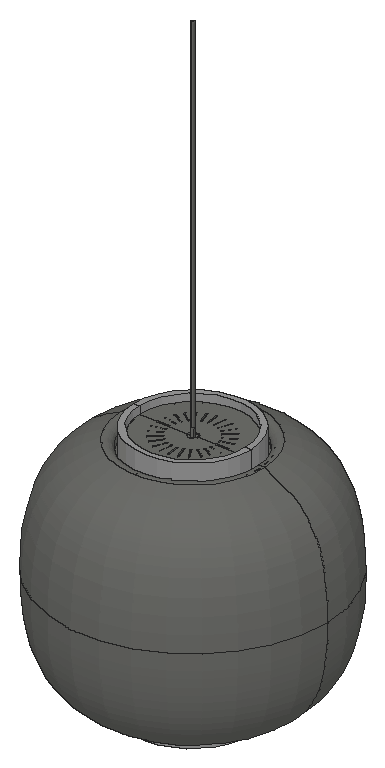
Revit family "Lighting_Pendants_Zero_Haze", category Lighting Fixtures, Revit 2018
Family settings
  Round Connector Dimension = Use Diameter
  Part Type = Normal
  OmniClass Number = 23.80.70.00
  OmniClass Title = Lighting
  Work Plane-Based = Yes
  Always vertical = Yes
  Cut with Voids When Loaded = No
  Light Source = Yes
  Shared = No
  Room Calculation Point = No
Parameters (values of type "Haze Pendant - Black - Dimmable LED PAR 38 Lightsource")
  Wattage = 3.15062 W
  WarrantyStartDate [instance] = "n/a"
  WarrantyGuarantorParts = "n/a"
  WarrantyGuarantorLabor = "n/a"
  WarrantyDurationUnit = "Years"
  WarrantyDurationParts = "n/a"
  WarrantyDurationLabor = "n/a"
  WarrantyDescription = "n/a"
  built-in parameter 1150110 = 1 (stored number, unit not read)
  VersionDate = "11/05/2020"  # constant formula
  Version = "1"  # constant formula
  UsageCurrent = 0 A
  Uniclass2015Reference = "Pr_70_70_48_86"
  Uniclass2015Description = "Suspended luminaires"
  Uniclass2 = "Pr_70_70_49_86"
  URL = "https://www.zerolighting.com/haze-inompe"
  TotalWattage = 16 W
  built-in parameter 1114217 = 1 (stored number, unit not read)
  Tilt Angle = 90.00°
  built-in parameter 1150109 = 1 (stored number, unit not read)
  built-in parameter 1150134 = (empty or 0)
  TagNumber [instance] = "n/a"
  SustainabilityPerformance = "n/a"
  built-in parameter 1150113 = 1 (stored number, unit not read)
  Size = "372x372x352 mm"
  Shape = "Sculptured"
  SerialNumber [instance] = "n/a"
  Revision = "n/a"
  ReplacementCost = "n/a"
  ProductInformation = "Haze 3D knitted fabric information - Camira Technical Knitting uses state of the art flat-bed weft knitting technology for an environmentally benevolent waste free manufacturing process using just three basic inputs – yarn, electricity and gentle steam finishing. Each 100% polyester filament yarn used is certified to the global Oeko- Tex Standard 100 which prohibits the use of harmful substances in textiles known to be hazardous to the environment and human health. Every cover produced is also accredited to the independent and 3rd party verified EU Ecolabel environmental standard for textile products."
  ProductDatasheet = "https://www.zerolighting.com/s/Haze-pendel.pdf"
  Product data url = ""
  Photometric Web File = "Haze16400.IES"
  PhaseReference = "n/a"
  PhaseAngle = 0.00°
  NumberOfSources = 0
  NumberOfPoles = 1
  NominalWidth = 372 mm
  NominalVoltageCalc = 0 V
  NominalVoltage = 230 V
  NominalRadius = 372 mm
  NominalHeight = 352.011 mm
  NominalFrequencyRange = 50 Hz
  NominalDiameter = 372 mm
  NominalDepth = 372 mm
  NominalCurrent = 0 A
  Name = "Zero_Haze"
  NBSReference = "90-60-50/405"
  NBSDescription = "General purpose luminaires"
  ModelReference = ArticleNumber  # "16400106-27"
  ModelNumber = "n/a"
  Model = "Haze Pendant - Black - Dimmable LED PAR 38 Lightsource"
  Material = "Wood, polyester fabric & glass."
  ManufacturersSpecificInformation = "n/a"
  ManufacturerURL = "https://www.zerolighting.com/"
  ManufacturerName = "Zero"
  Manufacturer = "Zero"
  MaintenanceFactor = 0
  Lumens = 468 lm
  built-in parameter 1150115 = 1 (stored number, unit not read)
  built-in parameter 1150105 = 37.242 (stored number, unit not read)
  LightSource = "LED PAR 38"
  LightFixtureSecondaryMaterial = Ash
  LightFixturePlacingType = "Ceilling"
  LightFixtureMountingType = "Suspended"
  LightFixtureMainMaterial = Camira Black
  built-in parameter 1150137 = (empty or 0)
  built-in parameter 1150139 = (empty or 0)
  built-in parameter 1150112 = 1 (stored number, unit not read)
  built-in parameter 1150114 = 1 (stored number, unit not read)
  InsulationStandardClass = "n/a"
  InstallationDate [instance] = "n/a"
  built-in parameter 1150132 = 2
  built-in parameter 1150102 = (empty or 0)
  built-in parameter 1150138 = (empty or 0)
  built-in parameter 1150107 = 2700 (stored number, unit not read)
  built-in parameter 1150106 = 0.37242 (stored number, unit not read)
  IfcExportType = "NOTDEFINED"  # constant formula
  IfcExportAs = "IfcLightFixtureType"  # constant formula
  IP_Code = "IP20"
  HasProtectiveEarth = yes
  Grade = "n/a"
  Finish = "Shade cover in 3D woven polyester fabric from Camira in white, black or petroleum..\r\nInner shade in opal acrylic. Wooden ash rings."
  Features = "Suspended from ceiling, 2,5 m cable. Connection DCL ceiling-plug or terminal-block 3x4 mm2. When dimmable 5x4mm2. "
  ExpectedLife = "L80 50.000h."
  Emit from Circle Diameter = 142 mm
  Emit Shape Visible in Rendering = no
  ElectricalDeviceNominalPower = 16
  built-in parameter 1150104 = 13.8 (stored number, unit not read)
  DurationUnit = "Hours"
  Dimming Lamp Color Temperature Shift = <None>
  Dimmer = "Dimmable"
  Designer = "Samuel Wilkinson 2020"
  Description = "Haze 3D knitted fabric information - Camira Technical Knitting uses state of the art flat-bed weft knitting technology for an environmentally benevolent waste free manufacturing process using just three basic inputs – yarn, electricity and gentle steam finishing. Each 100% polyester filament yarn used is certified to the global Oeko- Tex Standard 100 which prohibits the use of harmful substances in textiles known to be hazardous to the environment and human health. Every cover produced is also accredited to the independent and 3rd party verified EU Ecolabel environmental standard for textile products."
  DefaultElevation = 0 mm
  Default Elevation [instance] = 1219.2 mm
  ConvergoRefNr = "0046-2005-0007-SE"
  Constituents = "n/a"
  ColourRenderingIndex = ">80"
  Color Filter = 16777215
  Color = "Black"
  Collection = "Haze"
  CodePerformance = "n/a"
  Category = "Pendants"
  CableLengthControl [instance] = if(CableLength < 250 mm, 250 mm, if(CableLength > 2500 mm, 2500 mm, CableLength))  # 500 mm
  CableLength [instance] = 500 mm
  Brand = "Zero"
  Barcode [instance] = "n/a"
  built-in parameter 1114218 = 1 (stored number, unit not read)
  BIMObjectName = "Lighting_Pendants_Zero_Haze"
  Author = "Convergo AB"  # constant formula
  built-in parameter 1150133 = 10 (stored number, unit not read)
  AssetType = "Fixed"
  AssetIdentifier [instance] = "n/a"
  ArticleNumber = "16400106-27"
  AccessibilityPerformance = "n/a"
Types (9, lengths in mm): name | Wattage | Photometric Web File | ModelReference | Model | Lumens | built-in parameter 1150105 | LightSource | LightFixtureMainMaterial | built-in parameter 1150107 | built-in parameter 1150106 | Dimmer | Color | ArticleNumber
  Haze Pendant - White - Dimmable LED PAR 38 Lightsource | 3.15062 W | "Haze16400.IES" | "16400101-27" | "Haze Pendant - White - Dimmable LED PAR 38 Lightsource" | 468 lm | 37.242 (stored number, unit not read) | "LED PAR 38" | Camira White | 2700 (stored number, unit not read) | 0.37242 (stored number, unit not read) | "Dimmable" | "White" | "16400101-27"
  Haze Pendant - Black - Dimmable LED PAR 38 Lightsource | 3.15062 W | "Haze16400.IES" | "16400106-27" | "Haze Pendant - Black - Dimmable LED PAR 38 Lightsource" | 468 lm | 37.242 (stored number, unit not read) | "LED PAR 38" | Camira Black | 2700 (stored number, unit not read) | 0.37242 (stored number, unit not read) | "Dimmable" | "Black" | "16400106-27"
  Haze Pendant - Petroleum - Dimmable LED PAR 38 Lightsource | 3.15062 W | "Haze16400.IES" | "16400145-27" | "Haze Pendant - Petroleum - Dimmable LED PAR 38 Lightsource" | 468 lm | 37.242 (stored number, unit not read) | "LED PAR 38" | Camira Petroleum | 2700 (stored number, unit not read) | 0.37242 (stored number, unit not read) | "Dimmable" | "Petroleum" | "16400145-27"
  Haze Pendant - White - Incorporated LED module | 4.41626 W | "Haze16401.IES" | "16401101-30" | "Haze Pendant - White - Incorporated LED module" | 656 lm | 52.203 (stored number, unit not read) | "Incorporated LED module" | Camira White | 3000 (stored number, unit not read) | 0.52203 (stored number, unit not read) | "n/a" | "White" | "16401101-30"
  Haze Pendant - Black - Incorporated LED module | 4.41626 W | "Haze16401.IES" | "16401106-30" | "Haze Pendant - Black - Incorporated LED module" | 656 lm | 52.203 (stored number, unit not read) | "Incorporated LED module" | Camira Black | 3000 (stored number, unit not read) | 0.52203 (stored number, unit not read) | "n/a" | "Black" | "16401106-30"
  Haze Pendant - Petroleum - Incorporated LED module | 4.41626 W | "Haze16401.IES" | "16401145-30" | "Haze Pendant - Petroleum - Incorporated LED module" | 656 lm | 52.203 (stored number, unit not read) | "Incorporated LED module" | Camira Petroleum | 3000 (stored number, unit not read) | 0.52203 (stored number, unit not read) | "n/a" | "Petroleum" | "16401145-30"
  Haze Pendant - White - Incorporated Dimmable LED module | 4.41626 W | "Haze16401.IES" | "16401101D30" | "Haze Pendant - White - Incorporated Dimmable LED module" | 656 lm | 52.203 (stored number, unit not read) | "Incorporated Dimmable LED module" | Camira White | 3000 (stored number, unit not read) | 0.52203 (stored number, unit not read) | "Dimmable" | "White" | "16401101D30"
  Haze Pendant - Black - Incorporated Dimmable LED module | 4.41626 W | "Haze16401.IES" | "16401106D30" | "Haze Pendant - Black - Incorporated Dimmable LED module" | 656 lm | 52.203 (stored number, unit not read) | "Incorporated Dimmable LED module" | Camira Black | 3000 (stored number, unit not read) | 0.52203 (stored number, unit not read) | "Dimmable" | "Black" | "16401106D30"
  Haze Pendant - Petroleum - Incorporated Dimmable LED module | 4.41626 W | "Haze16401.IES" | "16401145D30" | "Haze Pendant - Petroleum - Incorporated Dimmable LED module" | 656 lm | 52.203 (stored number, unit not read) | "Incorporated Dimmable LED module" | Camira Petroleum | 3000 (stored number, unit not read) | 0.52203 (stored number, unit not read) | "Dimmable" | "Petroleum" | "16401145D30"
Reference planes
  plane 1 "Light Source Axis (F/B)": y = 0
  plane 2: z = -4000
  plane 3 "Light Source Axis (L/R)": x = 0
  plane 4 "Ceiling": z = 0
  plane 5 "Light Source Elevation": z = -833.011
  plane 6: z = -852.011
  plane 7: z = -500
  plane 8: x = -186
  plane 9: x = 186
  plane 10: y = -186
  plane 11: y = 186
  plane 12: z = -833.011
  plane 13: z = 0
Dimensions and locks
  "NominalHeight": plane 6 to plane 7
  "CableLengthControl": plane 7 to plane 4 "Ceiling"
  equal spacing: plane 11, plane 1 "Light Source Axis (F/B)", plane 10
  "NominalDepth": plane 10 to plane 11
  equal spacing: plane 8, plane 3 "Light Source Axis (L/R)", plane 9
  "NominalWidth": plane 8 to plane 9
  locked: plane 12 to plane 7 at 333.011
  aligned and locked: plane 3 "Light Source Axis (L/R)" to imposter light
  aligned and locked: plane 1 "Light Source Axis (F/B)" to imposter light
  aligned and locked: plane 5 "Light Source Elevation" to imposter light
  aligned and locked: plane 5 "Light Source Elevation" to plane 12
  aligned and locked: plane 4 "Ceiling" to nested 1
Nested families
  nested 1: "Haze" at (0, 0, -852.011), MainMaterial <- "LightFixtureMainMaterial", CableLengthControl <- "CableLengthControl", SecondaryMaterial <- "LightFixtureSecondaryMaterial", TertiaryMaterial <- "LightFixtureMainMaterial", type "Haze"
    with TertiaryMaterial Camira Black, SecondaryMaterial Ash, MainMaterial Camira Black, CableLengthControl 500 mm
Connectors
  electrical at (0, 0, 0), driven by "NominalVoltage"
    settings: on nested 1, index 1, voltage 230 V, apparent load 0 VA, apparent load phase1 0 VA, apparent load phase2 0 VA, apparent load phase3 0 VA, power factor 1, load classification "Other", number of poles 1, system type 31, power factor state 1, is connector primary yes, connector utility no, sub classification motor no, connector description ""
Definition of nested family "Haze"
  Parameters (values of type "Haze")
    TertiaryMaterial [instance] = none
    SecondaryMaterial [instance] = none
    MainMaterial [instance] = none
    CableLengthControl [instance] = 250 mm
  Reference planes
    plane 1 "Center (Front/Back)": y = 0
    plane 2: z = 0
    plane 3 "Center (Left/Right)": x = 0
    plane 4: y = 186
    plane 5: y = -186
    plane 6: x = 186
    plane 7: x = -186
    plane 8: z = 352.011
    plane 9: z = 340.011
    plane 10: z = 602.011
    plane 11: z = 19
  Forms (mm)
    Revolve 1, solid, material <- "MainMaterial", detail levels medium+fine
      sketch origin (0, 0, 0) x (1, 0, 0) y (0, 0, 1)
        loop
          line (-82, 314.011) -> (-68.5, 314.011)
          arc (-68.5, 314.011) -> (-64.257, 315.768) -> (-62.5, 320.011) r 6
          line (-62.5, 320.011) -> (-62.5, 328.011)
          arc (-62.5, 328.011) -> (-62.207, 328.718) -> (-61.5, 329.011) r 1
          line (-61.5, 329.011) -> (-60, 329.011) -> (-60, 332.011) -> (-61.5, 332.011)
          arc (-61.5, 332.011) -> (-64.328, 330.839) -> (-65.5, 328.011) r 4
          line (-65.5, 328.011) -> (-65.5, 320.011)
          arc (-65.5, 320.011) -> (-66.379, 317.89) -> (-68.5, 317.011) r 3
          line (-68.5, 317.011) -> (-82, 317.011)
          arc (-82, 317.011) -> (-84.121, 317.89) -> (-85, 320.011) r 3
          line (-85, 320.011) -> (-85.495, 326.266)
          arc (-85.495, 326.266) -> (-90.02, 334.381) -> (-99.269, 335.27) r 10
          spline (-99.269, 335.27) -> (-114.239, 328.498) -> (-128.449, 320.395) -> (-141.539, 310.707) -> (-153.14, 299.245) -> (-162.843, 286.133) -> (-170.478, 271.757) -> (-176.207, 256.477) -> (-180.293, 240.682) -> (-183.072, 224.529) -> (-184.805, 208.324) -> (-185.721, 192.016) -> (-186, 175.541)
          spline (-186, 175.541) -> (-185.714, 158.889) -> (-184.786, 142.623) -> (-183.058, 126.546) -> (-180.292, 110.534) -> (-176.179, 94.703) -> (-170.42, 79.432) -> (-162.748, 65.099) -> (-152.995, 52.052) -> (-141.33, 40.681) -> (-128.183, 31.12) -> (-113.921, 23.171) -> (-98.892, 16.569)
          arc (-98.892, 16.569) -> (-89.931, 17.74) -> (-85.574, 25.657) r 10
          line (-85.574, 25.657) -> (-85, 32)
          arc (-85, 32) -> (-84.121, 34.121) -> (-82, 35) r 3
          line (-82, 35) -> (-76, 35) -> (-76, 38) -> (-82, 38)
          arc (-82, 38) -> (-86.186, 36.298) -> (-87.998, 32.159) r 6
          line (-87.998, 32.159) -> (-88.57, 25.837)
          arc (-88.57, 25.837) -> (-91.831, 20.081) -> (-98.43, 19.612) r 7
          spline (-98.43, 19.612) -> (-113.111, 26.117) -> (-127.048, 33.953) -> (-139.867, 43.371) -> (-151.204, 54.562) -> (-160.648, 67.396) -> (-168.044, 81.471) -> (-173.574, 96.43) -> (-177.51, 111.884) -> (-180.187, 127.697) -> (-181.849, 143.505) -> (-182.728, 159.389) -> (-183, 175.541)
          spline (-183, 175.541) -> (-182.723, 191.92) -> (-181.826, 207.905) -> (-180.157, 223.71) -> (-177.479, 239.486) -> (-173.503, 255.062) -> (-167.93, 270.103) -> (-160.49, 284.237) -> (-151.005, 297.127) -> (-139.628, 308.394) -> (-126.783, 317.899) -> (-112.834, 325.846) -> (-98.139, 332.491)
          arc (-98.139, 332.491) -> (-91.633, 331.851) -> (-88.492, 326.117) r 7
          line (-88.492, 326.117) -> (-87.998, 319.872)
          arc (-87.998, 319.872) -> (-86.193, 315.719) -> (-82, 314.011) r 6
        axis (0, 335.27) -> (0, 16.569)
      angle from 0 to 360
    Revolve 2, solid, material <- "SecondaryMaterial", detail levels medium+fine
      sketch origin (0, 0, 0) x (1, 0, 0) y (0, 0, 1)
        loop
          line (-80.75, 352.011) -> (-80.75, 317.011) -> (-78, 317.011) -> (-78, 333.011) -> (-73, 333.011) -> (-73, 340.011) -> (-78, 340.011) -> (-78, 342.011) -> (-73, 342.011) -> (-73, 352.011) -> (-80.75, 352.011)
        loop
          line (-80.75, 35) -> (-80.75, 0) -> (-73, 0) -> (-73, 19) -> (-78, 19) -> (-78, 35) -> (-80.75, 35)
        axis (0, 352.011) -> (0, 0)
      angle from 0 to 360
    Revolve 3, solid, material <- "TertiaryMaterial", detail levels medium+fine
      sketch origin (0, 0, 0) x (1, 0, 0) y (0, 0, 1)
        loop
          line (-78, 340.011) -> (0, 340.011) -> (0, 341.011) -> (-78, 341.011) -> (-78, 340.011)
        loop
          line (-65.5, 328.011) -> (-77.5, 328.011) -> (-77.5, 327.011) -> (-65.5, 327.011) -> (-65.5, 328.011)
        loop
          line (-65.5, 25) -> (-77.5, 25) -> (-77.5, 24) -> (-65.5, 24) -> (-65.5, 25)
        axis (0, 341.011) -> (0, 24)
      angle from 0 to 360
    Extrusion 4, void
      sketch origin (0, 0, 0) x (1, 0, 0) y (0, 1, 0)
        loop
          line (4.853, 48.267) -> (2.925, 32.384)
          arc (2.925, 32.384) -> (3.797, 31.27) -> (4.91, 32.143) r 1
          line (4.91, 32.143) -> (6.839, 48.026)
          arc (6.839, 48.026) -> (5.967, 49.139) -> (4.853, 48.267) r 1
        loop
          line (16.263, 45.703) -> (10.59, 30.743)
          arc (10.59, 30.743) -> (11.17, 29.453) -> (12.46, 30.033) r 1
          line (12.46, 30.033) -> (18.133, 44.994)
          arc (18.133, 44.994) -> (17.553, 46.283) -> (16.263, 45.703) r 1
        loop
          line (26.728, 40.483) -> (17.639, 27.315)
          arc (17.639, 27.315) -> (17.894, 25.924) -> (19.285, 26.179) r 1
          line (19.285, 26.179) -> (28.374, 39.347)
          arc (28.374, 39.347) -> (28.119, 40.738) -> (26.728, 40.483) r 1
        loop
          line (35.64, 32.91) -> (23.663, 22.3)
          arc (23.663, 22.3) -> (23.578, 20.888) -> (24.99, 20.803) r 1
          line (24.99, 20.803) -> (36.966, 31.413)
          arc (36.966, 31.413) -> (37.051, 32.825) -> (35.64, 32.91) r 1
        loop
          line (42.48, 23.425) -> (28.313, 15.989)
          arc (28.313, 15.989) -> (27.892, 14.639) -> (29.242, 14.218) r 1
          line (29.242, 14.218) -> (43.409, 21.654)
          arc (43.409, 21.654) -> (43.83, 23.004) -> (42.48, 23.425) r 1
        loop
          line (46.851, 12.578) -> (31.316, 8.749)
          arc (31.316, 8.749) -> (30.585, 7.538) -> (31.795, 6.807) r 1
          line (31.795, 6.807) -> (47.33, 10.636)
          arc (47.33, 10.636) -> (48.062, 11.846) -> (46.851, 12.578) r 1
        loop
          line (48.5, 1) -> (32.5, 1)
          arc (32.5, 1) -> (31.5, 0) -> (32.5, -1) r 1
          line (32.5, -1) -> (48.5, -1)
          arc (48.5, -1) -> (49.5, 0) -> (48.5, 1) r 1
        loop
          arc (-4.853, 48.267) -> (-5.967, 49.139) -> (-6.839, 48.026) r 1
          line (-6.839, 48.026) -> (-4.91, 32.143)
          arc (-4.91, 32.143) -> (-3.797, 31.27) -> (-2.925, 32.384) r 1
          line (-2.925, 32.384) -> (-4.853, 48.267)
        loop
          arc (-16.263, 45.703) -> (-17.553, 46.283) -> (-18.133, 44.994) r 1
          line (-18.133, 44.994) -> (-12.46, 30.033)
          arc (-12.46, 30.033) -> (-11.17, 29.453) -> (-10.59, 30.743) r 1
          line (-10.59, 30.743) -> (-16.263, 45.703)
        loop
          arc (-26.728, 40.483) -> (-28.119, 40.738) -> (-28.374, 39.347) r 1
          line (-28.374, 39.347) -> (-19.285, 26.179)
          arc (-19.285, 26.179) -> (-17.894, 25.924) -> (-17.639, 27.315) r 1
          line (-17.639, 27.315) -> (-26.728, 40.483)
        loop
          arc (-35.64, 32.91) -> (-37.051, 32.825) -> (-36.966, 31.413) r 1
          line (-36.966, 31.413) -> (-24.99, 20.803)
          arc (-24.99, 20.803) -> (-23.578, 20.888) -> (-23.663, 22.3) r 1
          line (-23.663, 22.3) -> (-35.64, 32.91)
        loop
          arc (-42.48, 23.425) -> (-43.83, 23.004) -> (-43.409, 21.654) r 1
          line (-43.409, 21.654) -> (-29.242, 14.218)
          arc (-29.242, 14.218) -> (-27.892, 14.639) -> (-28.313, 15.989) r 1
          line (-28.313, 15.989) -> (-42.48, 23.425)
        loop
          arc (-46.851, 12.578) -> (-48.062, 11.846) -> (-47.33, 10.636) r 1
          line (-47.33, 10.636) -> (-31.795, 6.807)
          arc (-31.795, 6.807) -> (-30.585, 7.538) -> (-31.316, 8.749) r 1
          line (-31.316, 8.749) -> (-46.851, 12.578)
        loop
          arc (-48.5, 1) -> (-49.5, 0) -> (-48.5, -1) r 1
          line (-48.5, -1) -> (-32.5, -1)
          arc (-32.5, -1) -> (-31.5, 0) -> (-32.5, 1) r 1
          line (-32.5, 1) -> (-48.5, 1)
        loop
          arc (4.853, -48.267) -> (5.967, -49.139) -> (6.839, -48.026) r 1
          line (6.839, -48.026) -> (4.91, -32.143)
          arc (4.91, -32.143) -> (3.797, -31.27) -> (2.925, -32.384) r 1
          line (2.925, -32.384) -> (4.853, -48.267)
        loop
          arc (16.263, -45.703) -> (17.553, -46.283) -> (18.133, -44.994) r 1
          line (18.133, -44.994) -> (12.46, -30.033)
          arc (12.46, -30.033) -> (11.17, -29.453) -> (10.59, -30.743) r 1
          line (10.59, -30.743) -> (16.263, -45.703)
        loop
          arc (26.728, -40.483) -> (28.119, -40.738) -> (28.374, -39.347) r 1
          line (28.374, -39.347) -> (19.285, -26.179)
          arc (19.285, -26.179) -> (17.894, -25.924) -> (17.639, -27.315) r 1
          line (17.639, -27.315) -> (26.728, -40.483)
        loop
          arc (35.64, -32.91) -> (37.051, -32.825) -> (36.966, -31.413) r 1
          line (36.966, -31.413) -> (24.99, -20.803)
          arc (24.99, -20.803) -> (23.578, -20.888) -> (23.663, -22.3) r 1
          line (23.663, -22.3) -> (35.64, -32.91)
        loop
          arc (42.48, -23.425) -> (43.83, -23.004) -> (43.409, -21.654) r 1
          line (43.409, -21.654) -> (29.242, -14.218)
          arc (29.242, -14.218) -> (27.892, -14.639) -> (28.313, -15.989) r 1
          line (28.313, -15.989) -> (42.48, -23.425)
        loop
          arc (46.851, -12.578) -> (48.062, -11.846) -> (47.33, -10.636) r 1
          line (47.33, -10.636) -> (31.795, -6.807)
          arc (31.795, -6.807) -> (30.585, -7.538) -> (31.316, -8.749) r 1
          line (31.316, -8.749) -> (46.851, -12.578)
        loop
          line (-4.853, -48.267) -> (-2.925, -32.384)
          arc (-2.925, -32.384) -> (-3.797, -31.27) -> (-4.91, -32.143) r 1
          line (-4.91, -32.143) -> (-6.839, -48.026)
          arc (-6.839, -48.026) -> (-5.967, -49.139) -> (-4.853, -48.267) r 1
        loop
          line (-16.263, -45.703) -> (-10.59, -30.743)
          arc (-10.59, -30.743) -> (-11.17, -29.453) -> (-12.46, -30.033) r 1
          line (-12.46, -30.033) -> (-18.133, -44.994)
          arc (-18.133, -44.994) -> (-17.553, -46.283) -> (-16.263, -45.703) r 1
        loop
          line (-26.728, -40.483) -> (-17.639, -27.315)
          arc (-17.639, -27.315) -> (-17.894, -25.924) -> (-19.285, -26.179) r 1
          line (-19.285, -26.179) -> (-28.374, -39.347)
          arc (-28.374, -39.347) -> (-28.119, -40.738) -> (-26.728, -40.483) r 1
        loop
          line (-35.64, -32.91) -> (-23.663, -22.3)
          arc (-23.663, -22.3) -> (-23.578, -20.888) -> (-24.99, -20.803) r 1
          line (-24.99, -20.803) -> (-36.966, -31.413)
          arc (-36.966, -31.413) -> (-37.051, -32.825) -> (-35.64, -32.91) r 1
        loop
          line (-42.48, -23.425) -> (-28.313, -15.989)
          arc (-28.313, -15.989) -> (-27.892, -14.639) -> (-29.242, -14.218) r 1
          line (-29.242, -14.218) -> (-43.409, -21.654)
          arc (-43.409, -21.654) -> (-43.83, -23.004) -> (-42.48, -23.425) r 1
        loop
          line (-46.851, -12.578) -> (-31.316, -8.749)
          arc (-31.316, -8.749) -> (-30.585, -7.538) -> (-31.795, -6.807) r 1
          line (-31.795, -6.807) -> (-47.33, -10.636)
          arc (-47.33, -10.636) -> (-48.062, -11.846) -> (-46.851, -12.578) r 1
        loop
          line (3.536, 5.75) -> (-3.536, 5.75)
          arc (-3.536, 5.75) -> (-6.75, 0) -> (-3.536, -5.75) r 6.75
          line (-3.536, -5.75) -> (3.536, -5.75)
          arc (3.536, -5.75) -> (6.75, 0) -> (3.536, 5.75) r 6.75
      from 314.011 to 352.011
    Extrusion 5, solid, material <- "MainMaterial", detail levels coarse
      sketch origin (0, 0, 0) x (1, 0, 0) y (0, 1, 0)
        loop
          line (-186, 186) -> (-186, -186) -> (186, -186) -> (186, 186) -> (-186, 186)
      from 0 to 602.011
    Revolve 6, solid, material <- "TertiaryMaterial", detail levels medium+fine
      sketch origin (0, 0, 0) x (1, 0, 0) y (0, 0, 1)
        loop
          line (0, 352.011) -> (-2, 352.011) -> (-2, 340.011) -> (-7, 340.011) -> (-7, 339.011) -> (0, 339.011) -> (0, 352.011)
        axis (0, 339.011) -> (0, 352.011)
      angle from 0 to 360
    Extrusion 7, solid, material <- "TertiaryMaterial", detail levels medium+fine
      sketch origin (0, 0, 352.011) x (0, 1, 0) y (-1, 0, 0)
        loop
          circle (0, 0) r 2
      from 0 to 250 <- "CableLengthControl"
  Cuts and joins
    Extrusion 4 cuts Revolve 3
    joined: Revolve 6, Extrusion 7
  Lines and regions (mm)
    symbolic lines, detail levels medium+fine
      curve 1: line (-99.269, 0, 335.27) -> (-186, 0, 175.541)
      curve 2: line (-186, 0, 175.541) -> (-98.892, 0, 16.569)
      curve 3: arc (-98.892, 0, 16.569) -> (-97.254, 0, 16.143) -> (-95.568, 0, 16) r 10
      curve 4: arc (-95.492, 0, 336.011) -> (-97.416, 0, 335.824) -> (-99.269, 0, 335.27) r 10
      curve 5: line (-95.568, 0, 16) -> (-80.75, 0, 16)
      curve 6: line (-80.75, 0, 16) -> (-80.75, 0, 0)
      curve 7: line (-80.75, 0, 0) -> (80.75, 0, 0)
      curve 8: line (-95.492, 0, 336.011) -> (-80.75, 0, 336.011)
      curve 9: line (-80.75, 0, 336.011) -> (-80.75, 0, 352.011)
      curve 10: line (-80.75, 0, 352.011) -> (-2, 0, 352.011)
      curve 11: line (0, -80.75, 0) -> (0, 80.75, 0)
      curve 12: line (0, 80.75, 0) -> (0, 80.75, 16)
      curve 13: arc (0, 95.568, 16) -> (0, 97.254, 16.143) -> (0, 98.892, 16.569) r 10
      curve 14: line (0, 98.892, 16.569) -> (0, 186, 175.541)
      curve 15: line (0, 186, 175.541) -> (0, 99.269, 335.27)
      curve 16: arc (0, 99.269, 335.27) -> (0, 97.416, 335.824) -> (0, 95.492, 336.011) r 10
      curve 17: line (0, 80.75, 336.011) -> (0, 80.75, 352.011)
      curve 18: line (0, 95.568, 16) -> (0, 80.75, 16)
      curve 19: line (0, 95.492, 336.011) -> (0, 80.75, 336.011)
      curve 20: line (0, -80.75, 0) -> (0, -80.75, 16)
      curve 21: arc (0, -95.568, 16) -> (0, -97.254, 16.143) -> (0, -98.892, 16.569) r 10
      curve 22: line (0, -98.892, 16.569) -> (0, -186, 175.541)
      curve 23: line (0, -186, 175.541) -> (0, -99.269, 335.27)
      curve 24: arc (0, -99.269, 335.27) -> (0, -97.416, 335.824) -> (0, -95.492, 336.011) r 10
      curve 25: line (0, -95.568, 16) -> (0, -80.75, 16)
      curve 26: line (0, -95.492, 336.011) -> (0, -80.75, 336.011)
      curve 27: line (0, -80.75, 336.011) -> (0, -80.75, 352.011)
      curve 28: line (0, -80.75, 352.011) -> (0, -2, 352.011)
      curve 31: line (99.269, 0, 335.27) -> (186, 0, 175.541)
      curve 32: line (186, 0, 175.541) -> (98.892, 0, 16.569)
      curve 33: arc (98.892, 0, 16.569) -> (97.254, 0, 16.143) -> (95.568, 0, 16) r 10
      curve 34: arc (95.492, 0, 336.011) -> (97.416, 0, 335.824) -> (99.269, 0, 335.27) r 10
      curve 35: line (95.568, 0, 16) -> (80.75, 0, 16)
      curve 36: line (80.75, 0, 16) -> (80.75, 0, 0)
      curve 37: line (95.492, 0, 336.011) -> (80.75, 0, 336.011)
      curve 38: line (80.75, 0, 336.011) -> (80.75, 0, 352.011)
      curve 41: circle (0, 0, 0) r 186 normal (0, 0, 1)
      curve 153: line (-2, 0, 602.011) -> (-2, 0, 352.011)
      curve 154: line (-2, 0, 602.011) -> (2, 0, 602.011)
      curve 155: line (2, 0, 602.011) -> (2, 0, 352.011)
      curve 157: line (2, 0, 352.011) -> (80.75, 0, 352.011)
      curve 158: line (0, 2, 602.011) -> (0, -2, 602.011)
      curve 159: line (0, 2, 602.011) -> (0, 2, 352.011)
      curve 160: line (0, -2, 602.011) -> (0, -2, 352.011)
      curve 161: line (0, 2, 352.011) -> (0, 80.75, 352.011)
    symbolic lines, detail levels fine
      curve 29: line (0, 80.75, 336.011) -> (0, -80.75, 336.011)
      curve 30: line (0, 80.75, 16) -> (0, -80.75, 16)
      curve 39: line (-80.75, 0, 336.011) -> (80.75, 0, 336.011)
      curve 40: line (-80.75, 0, 16) -> (80.75, 0, 16)
      curve 42: circle (0, 0, 0) r 85 normal (0, 0, 1)
      curve 43: circle (0, 0, 0) r 80.75 normal (0, 0, 1)
      curve 44: circle (0, 0, 0) r 73 normal (0, 0, 1)
      curve 45: arc (-3.536, 5.75, 0) -> (-6.75, 0, 0) -> (-3.536, -5.75, 0) r 6.75
      curve 46: line (3.536, 5.75, 0) -> (-3.536, 5.75, 0)
      curve 47: arc (3.536, -5.75, 0) -> (6.75, 0, 0) -> (3.536, 5.75, 0) r 6.75
      curve 48: line (-3.536, -5.75, 0) -> (3.536, -5.75, 0)
      curve 49: line (-35.64, 32.91, 0) -> (-23.663, 22.3, 0)
      curve 50: arc (-23.663, 22.3, 0) -> (-23.578, 20.888, 0) -> (-24.99, 20.803, 0) r 1
      curve 51: line (-24.99, 20.803, 0) -> (-36.966, 31.413, 0)
      curve 52: arc (-36.966, 31.413, 0) -> (-37.051, 32.825, 0) -> (-35.64, 32.91, 0) r 1
      curve 53: line (-26.728, 40.483, 0) -> (-17.639, 27.315, 0)
      curve 54: arc (-17.639, 27.315, 0) -> (-17.894, 25.924, 0) -> (-19.285, 26.179, 0) r 1
      curve 55: line (-19.285, 26.179, 0) -> (-28.374, 39.347, 0)
      curve 56: arc (-28.374, 39.347, 0) -> (-28.119, 40.738, 0) -> (-26.728, 40.483, 0) r 1
      curve 57: line (-16.263, 45.703, 0) -> (-10.59, 30.743, 0)
      curve 58: arc (-10.59, 30.743, 0) -> (-11.17, 29.453, 0) -> (-12.46, 30.033, 0) r 1
      curve 59: line (-12.46, 30.033, 0) -> (-18.133, 44.994, 0)
      curve 60: arc (-18.133, 44.994, 0) -> (-17.553, 46.283, 0) -> (-16.263, 45.703, 0) r 1
      curve 61: line (-4.853, 48.267, 0) -> (-2.925, 32.384, 0)
      curve 62: arc (-2.925, 32.384, 0) -> (-3.797, 31.27, 0) -> (-4.91, 32.143, 0) r 1
      curve 63: line (-4.91, 32.143, 0) -> (-6.839, 48.026, 0)
      curve 64: arc (-6.839, 48.026, 0) -> (-5.967, 49.139, 0) -> (-4.853, 48.267, 0) r 1
      curve 65: line (6.839, 48.026, 0) -> (4.91, 32.143, 0)
      curve 66: arc (4.91, 32.143, 0) -> (3.797, 31.27, 0) -> (2.925, 32.384, 0) r 1
      curve 67: line (2.925, 32.384, 0) -> (4.853, 48.267, 0)
      curve 68: arc (4.853, 48.267, 0) -> (5.967, 49.139, 0) -> (6.839, 48.026, 0) r 1
      curve 69: line (18.133, 44.994, 0) -> (12.46, 30.033, 0)
      curve 70: arc (12.46, 30.033, 0) -> (11.17, 29.453, 0) -> (10.59, 30.743, 0) r 1
      curve 71: line (10.59, 30.743, 0) -> (16.263, 45.703, 0)
      curve 72: arc (16.263, 45.703, 0) -> (17.553, 46.283, 0) -> (18.133, 44.994, 0) r 1
      curve 73: line (28.374, 39.347, 0) -> (19.285, 26.179, 0)
      curve 74: arc (19.285, 26.179, 0) -> (17.894, 25.924, 0) -> (17.639, 27.315, 0) r 1
      curve 75: line (17.639, 27.315, 0) -> (26.728, 40.483, 0)
      curve 76: arc (26.728, 40.483, 0) -> (28.119, 40.738, 0) -> (28.374, 39.347, 0) r 1
      curve 77: line (36.966, 31.413, 0) -> (24.99, 20.803, 0)
      curve 78: arc (24.99, 20.803, 0) -> (23.578, 20.888, 0) -> (23.663, 22.3, 0) r 1
      curve 79: line (23.663, 22.3, 0) -> (35.64, 32.91, 0)
      curve 80: arc (35.64, 32.91, 0) -> (37.051, 32.825, 0) -> (36.966, 31.413, 0) r 1
      curve 81: line (43.409, 21.654, 0) -> (29.242, 14.218, 0)
      curve 82: arc (29.242, 14.218, 0) -> (27.892, 14.639, 0) -> (28.313, 15.989, 0) r 1
      curve 83: line (28.313, 15.989, 0) -> (42.48, 23.425, 0)
      curve 84: arc (42.48, 23.425, 0) -> (43.83, 23.004, 0) -> (43.409, 21.654, 0) r 1
      curve 85: line (47.33, 10.636, 0) -> (31.795, 6.807, 0)
      curve 86: arc (31.795, 6.807, 0) -> (30.585, 7.538, 0) -> (31.316, 8.749, 0) r 1
      curve 87: line (31.316, 8.749, 0) -> (46.851, 12.578, 0)
      curve 88: arc (46.851, 12.578, 0) -> (48.062, 11.846, 0) -> (47.33, 10.636, 0) r 1
      curve 89: line (48.5, -1, 0) -> (32.5, -1, 0)
      curve 90: arc (32.5, -1, 0) -> (31.5, 0, 0) -> (32.5, 1, 0) r 1
      curve 91: line (32.5, 1, 0) -> (48.5, 1, 0)
      curve 92: arc (48.5, 1, 0) -> (49.5, 0, 0) -> (48.5, -1, 0) r 1
      curve 93: line (46.851, -12.578, 0) -> (31.316, -8.749, 0)
      curve 94: arc (31.316, -8.749, 0) -> (30.585, -7.538, 0) -> (31.795, -6.807, 0) r 1
      curve 95: line (31.795, -6.807, 0) -> (47.33, -10.636, 0)
      curve 96: arc (47.33, -10.636, 0) -> (48.062, -11.846, 0) -> (46.851, -12.578, 0) r 1
      curve 97: line (42.48, -23.425, 0) -> (28.313, -15.989, 0)
      curve 98: arc (28.313, -15.989, 0) -> (27.892, -14.639, 0) -> (29.242, -14.218, 0) r 1
      curve 99: line (29.242, -14.218, 0) -> (43.409, -21.654, 0)
      curve 100: arc (43.409, -21.654, 0) -> (43.83, -23.004, 0) -> (42.48, -23.425, 0) r 1
      curve 101: line (35.64, -32.91, 0) -> (23.663, -22.3, 0)
      curve 102: arc (23.663, -22.3, 0) -> (23.578, -20.888, 0) -> (24.99, -20.803, 0) r 1
      curve 103: line (24.99, -20.803, 0) -> (36.966, -31.413, 0)
      curve 104: arc (36.966, -31.413, 0) -> (37.051, -32.825, 0) -> (35.64, -32.91, 0) r 1
      curve 105: line (26.728, -40.483, 0) -> (17.639, -27.315, 0)
      curve 106: arc (17.639, -27.315, 0) -> (17.894, -25.924, 0) -> (19.285, -26.179, 0) r 1
      curve 107: line (19.285, -26.179, 0) -> (28.374, -39.347, 0)
      curve 108: arc (28.374, -39.347, 0) -> (28.119, -40.738, 0) -> (26.728, -40.483, 0) r 1
      curve 109: line (16.263, -45.703, 0) -> (10.59, -30.743, 0)
      curve 110: arc (10.59, -30.743, 0) -> (11.17, -29.453, 0) -> (12.46, -30.033, 0) r 1
      curve 111: line (12.46, -30.033, 0) -> (18.133, -44.994, 0)
      curve 112: arc (18.133, -44.994, 0) -> (17.553, -46.283, 0) -> (16.263, -45.703, 0) r 1
      curve 113: line (4.853, -48.267, 0) -> (2.925, -32.384, 0)
      curve 114: arc (2.925, -32.384, 0) -> (3.797, -31.27, 0) -> (4.91, -32.143, 0) r 1
      curve 115: line (4.91, -32.143, 0) -> (6.839, -48.026, 0)
      curve 116: arc (6.839, -48.026, 0) -> (5.967, -49.139, 0) -> (4.853, -48.267, 0) r 1
      curve 117: line (-6.839, -48.026, 0) -> (-4.91, -32.143, 0)
      curve 118: arc (-4.91, -32.143, 0) -> (-3.797, -31.27, 0) -> (-2.925, -32.384, 0) r 1
      curve 119: line (-2.925, -32.384, 0) -> (-4.853, -48.267, 0)
      curve 120: arc (-4.853, -48.267, 0) -> (-5.967, -49.139, 0) -> (-6.839, -48.026, 0) r 1
      curve 121: line (-18.133, -44.994, 0) -> (-12.46, -30.033, 0)
      curve 122: arc (-12.46, -30.033, 0) -> (-11.17, -29.453, 0) -> (-10.59, -30.743, 0) r 1
      curve 123: line (-10.59, -30.743, 0) -> (-16.263, -45.703, 0)
      curve 124: arc (-16.263, -45.703, 0) -> (-17.553, -46.283, 0) -> (-18.133, -44.994, 0) r 1
      curve 125: line (-28.374, -39.347, 0) -> (-19.285, -26.179, 0)
      curve 126: arc (-19.285, -26.179, 0) -> (-17.894, -25.924, 0) -> (-17.639, -27.315, 0) r 1
      curve 127: line (-17.639, -27.315, 0) -> (-26.728, -40.483, 0)
      curve 128: arc (-26.728, -40.483, 0) -> (-28.119, -40.738, 0) -> (-28.374, -39.347, 0) r 1
      curve 129: line (-36.966, -31.413, 0) -> (-24.99, -20.803, 0)
      curve 130: arc (-24.99, -20.803, 0) -> (-23.578, -20.888, 0) -> (-23.663, -22.3, 0) r 1
      curve 131: line (-23.663, -22.3, 0) -> (-35.64, -32.91, 0)
      curve 132: arc (-35.64, -32.91, 0) -> (-37.051, -32.825, 0) -> (-36.966, -31.413, 0) r 1
      curve 133: line (-43.409, -21.654, 0) -> (-29.242, -14.218, 0)
      curve 134: arc (-29.242, -14.218, 0) -> (-27.892, -14.639, 0) -> (-28.313, -15.989, 0) r 1
      curve 135: line (-28.313, -15.989, 0) -> (-42.48, -23.425, 0)
      curve 136: arc (-42.48, -23.425, 0) -> (-43.83, -23.004, 0) -> (-43.409, -21.654, 0) r 1
      curve 137: line (-47.33, -10.636, 0) -> (-31.795, -6.807, 0)
      curve 138: arc (-31.795, -6.807, 0) -> (-30.585, -7.538, 0) -> (-31.316, -8.749, 0) r 1
      curve 139: line (-31.316, -8.749, 0) -> (-46.851, -12.578, 0)
      curve 140: arc (-46.851, -12.578, 0) -> (-48.062, -11.846, 0) -> (-47.33, -10.636, 0) r 1
      curve 141: line (-48.5, 1, 0) -> (-32.5, 1, 0)
      curve 142: arc (-32.5, 1, 0) -> (-31.5, 0, 0) -> (-32.5, -1, 0) r 1
      curve 143: line (-32.5, -1, 0) -> (-48.5, -1, 0)
      curve 144: arc (-48.5, -1, 0) -> (-49.5, 0, 0) -> (-48.5, 1, 0) r 1
      curve 145: line (-46.851, 12.578, 0) -> (-31.316, 8.749, 0)
      curve 146: arc (-31.316, 8.749, 0) -> (-30.585, 7.538, 0) -> (-31.795, 6.807, 0) r 1
      curve 147: line (-31.795, 6.807, 0) -> (-47.33, 10.636, 0)
      curve 148: arc (-47.33, 10.636, 0) -> (-48.062, 11.846, 0) -> (-46.851, 12.578, 0) r 1
      curve 149: line (-42.48, 23.425, 0) -> (-28.313, 15.989, 0)
      curve 150: arc (-28.313, 15.989, 0) -> (-27.892, 14.639, 0) -> (-29.242, 14.218, 0) r 1
      curve 151: line (-29.242, 14.218, 0) -> (-43.409, 21.654, 0)
      curve 152: arc (-43.409, 21.654, 0) -> (-43.83, 23.004, 0) -> (-42.48, 23.425, 0) r 1
      curve 156: line (-2, 0, 352.011) -> (2, 0, 352.011)
      curve 162: line (0, -2, 352.011) -> (0, 2, 352.011)
  Dimensions and locks
    "CableLengthControl": plane 10 to plane 8
    locked: plane 8 to plane 2 at 352.011
    aligned and locked: level to plane 2
    aligned and locked: cut or joined group of Revolve 6, Extrusion 7 to plane 10
    aligned and locked: plane 10 to curve 158
    aligned and locked: Extrusion 5 to plane 10
  Automatic sketch dimensions
    curve 1 to plane 7 = 0 mm
    curve 6 to level = 0 mm
    curve 9 to plane 8 = 0 mm
    curve 153 to plane 10 = 0 mm
    plane 6 to curve 31 = 0 mm
    plane 9 to curve 1 = 4.741 mm
    plane 7 to curve 1 = 86.731 mm
    level to curve 2 = 16.569 mm
    plane 7 to curve 2 = 87.108 mm
    curve 2 to curve 5 = 3.324 mm
    curve 1 to curve 4 = 3.777 mm
    curve 5 to curve 6 = 14.818 mm
    curve 4 to curve 8 = 14.742 mm
    curve 153 to plane 3 "Center (Left/Right)" = 2 mm
    plane 3 "Center (Left/Right)" to curve 155 = 2 mm
    curve 155 to curve 38 = 78.75 mm
    plane 3 "Center (Left/Right)" to curve 7 = 80.75 mm
    curve 39 to curve 34 = 14.742 mm
    curve 35 to curve 33 = 14.818 mm
    level to curve 32 = 16.569 mm
    curve 35 to curve 32 = 3.324 mm
    plane 9 to curve 31 = 4.741 mm
    curve 34 to curve 31 = 3.777 mm
    curve 35 to curve 32 = 0.569 mm
    plane 9 to curve 1 = 164.47 mm
    plane 9 to curve 31 = 164.47 mm
    curve 34 to curve 34 = 9.259 mm
    curve 41 to curve 42 = 0 mm  (x2)
    curve 41 to curve 43 = 0 mm  (x2)
    curve 41 to curve 44 = 0 mm  (x2)
    curve 41 to curve 45 = 0 mm  (x2)
    curve 41 to curve 47 = 0 mm  (x2)
    curve 42 to curve 43 = 0 mm  (x2)
    curve 42 to curve 44 = 0 mm  (x2)
    curve 42 to curve 45 = 0 mm  (x2)
    curve 42 to curve 47 = 0 mm  (x2)
    curve 43 to curve 44 = 0 mm  (x2)
    curve 43 to curve 45 = 0 mm  (x2)
    curve 43 to curve 47 = 0 mm  (x2)
    curve 44 to curve 45 = 0 mm  (x2)
    curve 44 to curve 47 = 0 mm  (x2)
    curve 45 to curve 47 = 0 mm  (x2)
    plane 1 "Center (Front/Back)" to curve 144 = 0 mm
    plane 1 "Center (Front/Back)" to curve 47 = 0 mm
    curve 47 to plane 3 "Center (Left/Right)" = 0 mm
    plane 1 "Center (Front/Back)" to curve 90 = 0 mm
    curve 61 to plane 3 "Center (Left/Right)" = 2.925 mm
    curve 119 to plane 3 "Center (Left/Right)" = 2.925 mm
    curve 48 to plane 3 "Center (Left/Right)" = 3.536 mm
    curve 46 to plane 3 "Center (Left/Right)" = 3.536 mm
    curve 62 to curve 61 = 0.993 mm
    curve 118 to curve 119 = 0.993 mm
    curve 119 to plane 3 "Center (Left/Right)" = 4.853 mm
    curve 61 to plane 3 "Center (Left/Right)" = 4.853 mm
    curve 117 to curve 118 = 0.993 mm
    curve 63 to curve 62 = 0.993 mm
    curve 64 to curve 64 = 0.993 mm
    curve 120 to curve 119 = 0.993 mm
    curve 117 to curve 120 = 0.993 mm
    curve 63 to curve 64 = 0.993 mm
    curve 123 to curve 118 = 5.679 mm
    curve 57 to curve 62 = 5.679 mm
    curve 58 to curve 57 = 0.935 mm
    curve 122 to curve 123 = 0.935 mm
    curve 121 to curve 122 = 0.935 mm
    curve 59 to curve 58 = 0.935 mm
    curve 123 to curve 117 = 9.425 mm
    curve 57 to curve 64 = 9.425 mm
    curve 60 to curve 57 = 0.935 mm
    curve 124 to curve 123 = 0.935 mm
    curve 127 to curve 121 = 5.179 mm
    curve 53 to curve 58 = 5.179 mm
    curve 121 to curve 124 = 0.935 mm
    curve 59 to curve 60 = 0.935 mm
    curve 54 to curve 53 = 0.823 mm
    curve 126 to curve 127 = 0.823 mm
    curve 55 to curve 54 = 0.823 mm
    curve 125 to curve 126 = 0.823 mm
    curve 131 to curve 125 = 4.378 mm
    curve 49 to curve 54 = 4.378 mm
    curve 130 to curve 130 = 0.663 mm
    curve 50 to curve 49 = 0.663 mm
    curve 51 to curve 50 = 0.663 mm
    plane 1 "Center (Front/Back)" to curve 129 = 20.803 mm
    curve 129 to curve 130 = 0.663 mm
    curve 127 to curve 121 = 8.595 mm
    curve 53 to curve 59 = 8.595 mm
    curve 56 to curve 56 = 0.823 mm
    curve 128 to curve 127 = 0.823 mm
    curve 135 to curve 130 = 3.323 mm
    curve 149 to plane 1 "Center (Front/Back)" = 15.989 mm
    curve 149 to curve 50 = 3.323 mm
    curve 55 to curve 56 = 0.823 mm
    curve 125 to curve 128 = 0.823 mm
    curve 134 to curve 135 = 0.465 mm
    curve 150 to curve 149 = 0.465 mm
    plane 1 "Center (Front/Back)" to curve 133 = 14.218 mm
    curve 133 to curve 134 = 0.465 mm
    curve 151 to plane 1 "Center (Front/Back)" = 14.218 mm
    curve 151 to curve 150 = 0.465 mm
    plane 1 "Center (Front/Back)" to curve 139 = 8.749 mm
    curve 139 to curve 133 = 2.074 mm
    curve 145 to plane 1 "Center (Front/Back)" = 8.749 mm
    curve 145 to curve 150 = 2.074 mm
    curve 138 to curve 139 = 0.239 mm
    curve 146 to curve 145 = 0.239 mm
    curve 147 to plane 1 "Center (Front/Back)" = 6.807 mm
    curve 147 to curve 146 = 0.239 mm
    plane 1 "Center (Front/Back)" to curve 137 = 6.807 mm
    curve 137 to curve 138 = 0.239 mm
    plane 1 "Center (Front/Back)" to curve 143 = 1 mm
    curve 143 to curve 138 = 0.705 mm
    curve 49 to curve 56 = 7.266 mm
    curve 131 to curve 125 = 7.266 mm
    curve 132 to curve 131 = 0.663 mm
    curve 52 to curve 52 = 0.663 mm
    curve 129 to curve 132 = 0.663 mm
    curve 51 to curve 52 = 0.663 mm
    curve 149 to curve 52 = 5.514 mm
    curve 135 to curve 132 = 5.514 mm
    curve 152 to curve 149 = 0.465 mm
    curve 136 to curve 135 = 0.465 mm
    curve 151 to plane 1 "Center (Front/Back)" = 21.654 mm
    curve 151 to curve 152 = 0.465 mm
    plane 1 "Center (Front/Back)" to curve 133 = 21.654 mm
    curve 133 to curve 136 = 0.465 mm
    plane 1 "Center (Front/Back)" to curve 139 = 12.578 mm
    curve 139 to curve 133 = 3.442 mm
    curve 145 to plane 1 "Center (Front/Back)" = 12.578 mm
    curve 145 to curve 151 = 3.442 mm
    curve 148 to curve 145 = 0.239 mm
    curve 140 to curve 139 = 0.239 mm
    curve 147 to plane 1 "Center (Front/Back)" = 10.636 mm
    curve 147 to curve 148 = 0.239 mm
    plane 1 "Center (Front/Back)" to curve 137 = 10.636 mm
    curve 137 to curve 140 = 0.239 mm
    curve 144 to curve 137 = 1.17 mm
    plane 3 "Center (Left/Right)" to curve 67 = 2.925 mm
    plane 3 "Center (Left/Right)" to curve 113 = 2.925 mm
    plane 3 "Center (Left/Right)" to curve 48 = 3.536 mm
    curve 114 to curve 114 = 0.993 mm
    curve 67 to curve 66 = 0.993 mm
    plane 3 "Center (Left/Right)" to curve 113 = 4.853 mm
    plane 3 "Center (Left/Right)" to curve 67 = 4.853 mm
    curve 114 to curve 115 = 0.993 mm
    curve 66 to curve 65 = 0.993 mm
    curve 116 to curve 116 = 0.993 mm
    curve 67 to curve 68 = 0.993 mm
    curve 68 to curve 65 = 0.993 mm
    curve 116 to curve 115 = 0.993 mm
    curve 114 to curve 109 = 5.679 mm
    curve 66 to curve 71 = 5.679 mm
    curve 109 to curve 110 = 0.935 mm
    curve 71 to curve 70 = 0.935 mm
    curve 70 to curve 69 = 0.935 mm
    curve 110 to curve 111 = 0.935 mm
    curve 116 to curve 109 = 9.425 mm
    curve 65 to curve 71 = 9.425 mm
    curve 71 to curve 72 = 0.935 mm
    curve 112 to curve 112 = 0.935 mm
    curve 110 to curve 105 = 5.179 mm
    curve 69 to curve 75 = 5.179 mm
    curve 72 to curve 69 = 0.935 mm
    curve 112 to curve 111 = 0.935 mm
    curve 75 to curve 74 = 0.823 mm
    curve 106 to curve 106 = 0.823 mm
    curve 106 to curve 107 = 0.823 mm
    curve 74 to curve 73 = 0.823 mm
    curve 73 to curve 79 = 4.378 mm
    curve 106 to curve 101 = 4.378 mm
    curve 102 to curve 102 = 0.663 mm
    curve 79 to curve 78 = 0.663 mm
    curve 77 to plane 1 "Center (Front/Back)" = 20.803 mm
    curve 78 to curve 77 = 0.663 mm
    curve 102 to curve 103 = 0.663 mm
    curve 69 to curve 75 = 8.595 mm
    curve 112 to curve 105 = 8.595 mm
    curve 75 to curve 76 = 0.823 mm
    curve 108 to curve 108 = 0.823 mm
    plane 1 "Center (Front/Back)" to curve 97 = 15.989 mm
    curve 102 to curve 97 = 3.323 mm
    curve 77 to curve 83 = 3.323 mm
    curve 108 to curve 107 = 0.823 mm
    curve 76 to curve 73 = 0.823 mm
    curve 83 to curve 82 = 0.465 mm
    curve 97 to curve 98 = 0.465 mm
    curve 81 to plane 1 "Center (Front/Back)" = 14.218 mm
    curve 82 to curve 81 = 0.465 mm
    plane 1 "Center (Front/Back)" to curve 99 = 14.218 mm
    curve 98 to curve 99 = 0.465 mm
    curve 87 to plane 1 "Center (Front/Back)" = 8.749 mm
    curve 81 to curve 87 = 2.074 mm
    plane 1 "Center (Front/Back)" to curve 93 = 8.749 mm
    curve 98 to curve 93 = 2.074 mm
    curve 87 to curve 86 = 0.239 mm
    curve 94 to curve 94 = 0.239 mm
    plane 1 "Center (Front/Back)" to curve 95 = 6.807 mm
    curve 94 to curve 95 = 0.239 mm
    curve 85 to plane 1 "Center (Front/Back)" = 6.807 mm
    curve 86 to curve 85 = 0.239 mm
    curve 86 to curve 90 = 0.705 mm
    curve 73 to curve 79 = 7.266 mm
    curve 108 to curve 101 = 7.266 mm
    curve 101 to curve 104 = 0.663 mm
    curve 80 to curve 80 = 0.663 mm
    curve 104 to curve 103 = 0.663 mm
    curve 80 to curve 77 = 0.663 mm
    curve 77 to curve 83 = 5.514 mm
    curve 104 to curve 97 = 5.514 mm
    curve 83 to curve 84 = 0.465 mm
    curve 100 to curve 100 = 0.465 mm
    plane 1 "Center (Front/Back)" to curve 99 = 21.654 mm
    curve 100 to curve 99 = 0.465 mm
    curve 81 to plane 1 "Center (Front/Back)" = 21.654 mm
    curve 84 to curve 81 = 0.465 mm
    plane 1 "Center (Front/Back)" to curve 93 = 12.578 mm
    curve 100 to curve 93 = 3.442 mm
    curve 87 to plane 1 "Center (Front/Back)" = 12.578 mm
    curve 81 to curve 87 = 3.442 mm
    curve 87 to curve 88 = 0.239 mm
    curve 96 to curve 96 = 0.239 mm
    curve 85 to plane 1 "Center (Front/Back)" = 10.636 mm
    curve 88 to curve 85 = 0.239 mm
    plane 1 "Center (Front/Back)" to curve 95 = 10.636 mm
    curve 96 to curve 95 = 0.239 mm
    curve 91 to plane 1 "Center (Front/Back)" = 1 mm
    curve 85 to curve 91 = 1.17 mm
    curve 101 to curve 98 = 6.311 mm
    curve 131 to curve 129 = 1.497 mm
    curve 100 to curve 99 = 0.885 mm
    curve 136 to curve 136 = 0.885 mm
    curve 107 to curve 102 = 3.879 mm
    curve 125 to curve 130 = 3.879 mm
    curve 106 to curve 107 = 0.568 mm
    curve 126 to curve 125 = 0.568 mm
    curve 121 to curve 126 = 2.718 mm
    curve 111 to curve 105 = 2.718 mm
    curve 122 to curve 122 = 0.355 mm
    curve 110 to curve 111 = 0.355 mm
    curve 129 to curve 136 = 7.988 mm
    curve 103 to curve 97 = 7.988 mm
    curve 115 to curve 109 = 1.4 mm
    curve 117 to curve 122 = 1.4 mm
    curve 104 to curve 103 = 0.749 mm
    curve 132 to curve 129 = 0.749 mm
    curve 118 to curve 117 = 0.121 mm
    curve 114 to curve 115 = 0.121 mm
    curve 125 to curve 132 = 6.437 mm
    curve 107 to curve 101 = 6.437 mm
    curve 108 to curve 107 = 0.568 mm
    curve 128 to curve 125 = 0.568 mm
    curve 121 to curve 127 = 4.511 mm
    curve 111 to curve 105 = 4.511 mm
    curve 124 to curve 124 = 0.355 mm
    curve 112 to curve 111 = 0.355 mm
    curve 117 to curve 123 = 2.323 mm
    curve 115 to curve 109 = 2.323 mm
    curve 116 to curve 115 = 0.121 mm
    curve 120 to curve 120 = 0.121 mm
    curve 102 to curve 102 = 0.749 mm
    curve 135 to curve 133 = 1.771 mm
    plane 1 "Center (Front/Back)" to curve 48 = 5.75 mm
    curve 82 to curve 82 = 0.885 mm
    curve 150 to curve 51 = 4.814 mm
    curve 51 to curve 50 = 0.749 mm
    curve 78 to curve 78 = 0.749 mm
    curve 81 to curve 84 = 0.885 mm
    curve 151 to curve 152 = 0.885 mm
    curve 49 to curve 55 = 3.879 mm
    curve 78 to curve 73 = 3.879 mm
    curve 54 to curve 54 = 0.568 mm
    curve 73 to curve 74 = 0.568 mm
    curve 53 to curve 59 = 2.718 mm
    curve 74 to curve 69 = 2.718 mm
    curve 59 to curve 58 = 0.355 mm
    curve 70 to curve 70 = 0.355 mm
    curve 149 to curve 51 = 7.988 mm
    curve 83 to curve 77 = 7.988 mm
    curve 70 to curve 65 = 1.4 mm
    curve 58 to curve 63 = 1.4 mm
    curve 51 to curve 52 = 0.749 mm
    curve 77 to curve 80 = 0.749 mm
    curve 63 to curve 62 = 0.121 mm
    curve 65 to curve 66 = 0.121 mm
    curve 80 to curve 73 = 6.437 mm
    curve 49 to curve 55 = 6.437 mm
    curve 73 to curve 76 = 0.568 mm
    curve 55 to curve 56 = 0.568 mm
    curve 53 to curve 59 = 4.511 mm
    curve 75 to curve 69 = 4.511 mm
    curve 72 to curve 72 = 0.355 mm
    curve 60 to curve 60 = 0.355 mm
    curve 57 to curve 63 = 2.323 mm
    curve 72 to curve 65 = 2.323 mm
    curve 68 to curve 68 = 0.121 mm
    curve 63 to curve 64 = 0.121 mm
    Revolve 1 sketch curve to Revolve 1 sketch curve = 0 mm  (x13)
    Revolve 1 sketch curve to plane 7 = 0 mm
    Revolve 1 sketch curve to plane 3 "Center (Left/Right)" = 0 mm
    plane 7 to Revolve 1 sketch curve = 3 mm
    plane 9 to Revolve 1 sketch curve = 4.741 mm
    plane 7 to Revolve 1 sketch curve = 86.731 mm
    level to Revolve 1 sketch curve = 16.569 mm
    plane 7 to Revolve 1 sketch curve = 87.108 mm
    level to Revolve 1 sketch curve = 19.612 mm
    Revolve 1 sketch curve to Revolve 1 sketch curve = 0.462 mm
    plane 9 to Revolve 1 sketch curve = 7.52 mm
    Revolve 1 sketch curve to Revolve 1 sketch curve = 1.13 mm
    Revolve 1 sketch curve to Revolve 1 sketch curve = 2.862 mm
    Revolve 1 sketch curve to Revolve 1 sketch curve = 2.647 mm
    level to Revolve 1 sketch curve = 25.837 mm
    Revolve 1 sketch curve to Revolve 1 sketch curve = 6.998 mm
    plane 9 to Revolve 1 sketch curve = 13.894 mm
    Revolve 1 sketch curve to Revolve 1 sketch curve = 6.999 mm
    plane 9 to Revolve 1 sketch curve = 20.139 mm
    Revolve 1 sketch curve to Revolve 1 sketch curve = 0.494 mm
    level to Revolve 1 sketch curve = 32.159 mm
    Revolve 1 sketch curve to Revolve 1 sketch curve = 0.572 mm
    level to Revolve 1 sketch curve = 25.657 mm
    plane 9 to Revolve 1 sketch curve = 13.745 mm
    level to Revolve 1 sketch curve = 32 mm
    Revolve 1 sketch curve to Revolve 1 sketch curve = 2.998 mm  (x2)
    plane 9 to Revolve 1 sketch curve = 20 mm
    Revolve 1 sketch curve to Revolve 1 sketch curve = 3 mm  (x4)
    Revolve 1 sketch curve to Revolve 1 sketch curve = 6 mm
    Revolve 1 sketch curve to Revolve 1 sketch curve = 13.5 mm
    Revolve 1 sketch curve to Revolve 1 sketch curve = 1 mm
    Revolve 1 sketch curve to Revolve 1 sketch curve = 1.5 mm
    plane 9 to Revolve 1 sketch curve = 164.47 mm
    Revolve 1 sketch curve to Revolve 1 sketch curve = 8 mm
    Revolve 1 sketch curve to level = 47.989 mm
    plane 8 to Revolve 1 sketch curve = 40 mm
    Revolve 2 sketch curve to plane 8 = 0 mm
    Revolve 2 sketch curve to level = 0 mm
    Revolve 2 sketch curve to plane 9 = 0 mm
    Revolve 2 sketch curve to plane 3 "Center (Left/Right)" = 0 mm
    Revolve 2 sketch curve to plane 9 = 2 mm
    Revolve 2 sketch curve to plane 3 "Center (Left/Right)" = 73 mm  (x2)
    Revolve 2 sketch curve to Revolve 2 sketch curve = 0 mm
    level to Revolve 2 sketch curve = 19 mm
    Revolve 2 sketch curve to Revolve 2 sketch curve = 5 mm  (x3)
    Revolve 2 sketch curve to Revolve 2 sketch curve = 2.75 mm
    Revolve 2 sketch curve to Revolve 2 sketch curve = 7.75 mm
    Revolve 2 sketch curve to Revolve 2 sketch curve = 16 mm
    Revolve 2 sketch curve to Revolve 2 sketch curve = 23 mm
    Revolve 2 sketch curve to Revolve 2 sketch curve = 7 mm
    Revolve 2 sketch curve to level = 40 mm
    level to Revolve 2 sketch curve = 80 mm
    Revolve 3 sketch curve to plane 9 = 0 mm
    Revolve 3 sketch curve to plane 3 "Center (Left/Right)" = 0 mm  (x2)
    level to Revolve 3 sketch curve = 25 mm
    Revolve 3 sketch curve to plane 3 "Center (Left/Right)" = 65.5 mm  (x2)
    plane 9 to Revolve 3 sketch curve = 12 mm
    Revolve 3 sketch curve to Revolve 3 sketch curve = 12 mm  (x2)
    Revolve 3 sketch curve to Revolve 3 sketch curve = 0.5 mm
    Revolve 3 sketch curve to Revolve 3 sketch curve = 1 mm  (x2)
    Revolve 3 sketch curve to plane 9 = 1 mm
    Revolve 3 sketch curve to Revolve 3 sketch curve = 1.703 mm
    plane 8 to Revolve 3 sketch curve = 5.442 mm
    Extrusion 4 sketch curve to Extrusion 4 sketch curve = 0 mm  (x2)
    plane 1 "Center (Front/Back)" to Extrusion 4 sketch curve = 0 mm  (x3)
    Extrusion 4 sketch curve to plane 3 "Center (Left/Right)" = 0 mm
    Extrusion 4 sketch curve to plane 3 "Center (Left/Right)" = 2.925 mm  (x2)
    Extrusion 4 sketch curve to plane 3 "Center (Left/Right)" = 3.536 mm  (x2)
    Extrusion 4 sketch curve to Extrusion 4 sketch curve = 0.993 mm  (x16)
    Extrusion 4 sketch curve to plane 3 "Center (Left/Right)" = 4.853 mm  (x2)
    Extrusion 4 sketch curve to Extrusion 4 sketch curve = 5.679 mm  (x4)
    Extrusion 4 sketch curve to Extrusion 4 sketch curve = 0.935 mm  (x16)
    Extrusion 4 sketch curve to Extrusion 4 sketch curve = 9.425 mm  (x4)
    Extrusion 4 sketch curve to Extrusion 4 sketch curve = 5.179 mm  (x4)
    Extrusion 4 sketch curve to Extrusion 4 sketch curve = 0.823 mm  (x16)
    Extrusion 4 sketch curve to Extrusion 4 sketch curve = 4.378 mm  (x4)
    Extrusion 4 sketch curve to Extrusion 4 sketch curve = 0.663 mm  (x16)
    Extrusion 4 sketch curve to Extrusion 4 sketch curve = 8.595 mm  (x4)
    plane 1 "Center (Front/Back)" to Extrusion 4 sketch curve = 15.989 mm  (x2)
    Extrusion 4 sketch curve to Extrusion 4 sketch curve = 3.323 mm  (x4)
    Extrusion 4 sketch curve to plane 1 "Center (Front/Back)" = 15.989 mm  (x2)
    Extrusion 4 sketch curve to Extrusion 4 sketch curve = 0.465 mm  (x16)
    Extrusion 4 sketch curve to plane 1 "Center (Front/Back)" = 14.218 mm  (x2)
    plane 1 "Center (Front/Back)" to Extrusion 4 sketch curve = 14.218 mm  (x2)
    plane 1 "Center (Front/Back)" to Extrusion 4 sketch curve = 8.749 mm  (x2)
    Extrusion 4 sketch curve to Extrusion 4 sketch curve = 2.074 mm  (x4)
    Extrusion 4 sketch curve to plane 1 "Center (Front/Back)" = 8.749 mm  (x2)
    Extrusion 4 sketch curve to Extrusion 4 sketch curve = 0.239 mm  (x16)
    Extrusion 4 sketch curve to plane 1 "Center (Front/Back)" = 6.807 mm  (x2)
    plane 1 "Center (Front/Back)" to Extrusion 4 sketch curve = 6.807 mm  (x2)
    plane 1 "Center (Front/Back)" to Extrusion 4 sketch curve = 1 mm  (x2)
    Extrusion 4 sketch curve to Extrusion 4 sketch curve = 0.705 mm  (x2)
    Extrusion 4 sketch curve to Extrusion 4 sketch curve = 7.266 mm  (x4)
    Extrusion 4 sketch curve to Extrusion 4 sketch curve = 5.514 mm  (x4)
    Extrusion 4 sketch curve to plane 1 "Center (Front/Back)" = 21.654 mm  (x2)
    plane 1 "Center (Front/Back)" to Extrusion 4 sketch curve = 21.654 mm  (x2)
    plane 1 "Center (Front/Back)" to Extrusion 4 sketch curve = 12.578 mm  (x2)
    Extrusion 4 sketch curve to Extrusion 4 sketch curve = 3.442 mm  (x4)
    Extrusion 4 sketch curve to plane 1 "Center (Front/Back)" = 12.578 mm  (x2)
    plane 1 "Center (Front/Back)" to Extrusion 4 sketch curve = 10.636 mm  (x2)
    Extrusion 4 sketch curve to plane 1 "Center (Front/Back)" = 10.636 mm  (x2)
    Extrusion 4 sketch curve to Extrusion 4 sketch curve = 1.17 mm  (x2)
    plane 3 "Center (Left/Right)" to Extrusion 4 sketch curve = 2.925 mm  (x2)
    plane 3 "Center (Left/Right)" to Extrusion 4 sketch curve = 3.536 mm
    plane 3 "Center (Left/Right)" to Extrusion 4 sketch curve = 4.853 mm  (x2)
    Extrusion 4 sketch curve to Extrusion 4 sketch curve = 6.311 mm  (x2)
    Extrusion 4 sketch curve to Extrusion 4 sketch curve = 0.885 mm  (x4)
    Extrusion 4 sketch curve to Extrusion 4 sketch curve = 3.879 mm  (x4)
    Extrusion 4 sketch curve to Extrusion 4 sketch curve = 0.568 mm  (x8)
    Extrusion 4 sketch curve to Extrusion 4 sketch curve = 2.718 mm  (x4)
    Extrusion 4 sketch curve to Extrusion 4 sketch curve = 0.355 mm  (x8)
    Extrusion 4 sketch curve to Extrusion 4 sketch curve = 7.988 mm  (x4)
    Extrusion 4 sketch curve to Extrusion 4 sketch curve = 1.4 mm  (x4)
    Extrusion 4 sketch curve to Extrusion 4 sketch curve = 0.749 mm  (x8)
    Extrusion 4 sketch curve to Extrusion 4 sketch curve = 0.121 mm  (x8)
    Extrusion 4 sketch curve to Extrusion 4 sketch curve = 6.437 mm  (x4)
    Extrusion 4 sketch curve to Extrusion 4 sketch curve = 4.511 mm  (x4)
    Extrusion 4 sketch curve to Extrusion 4 sketch curve = 2.323 mm  (x4)
    plane 1 "Center (Front/Back)" to Extrusion 4 sketch curve = 5.75 mm
    Extrusion 4 sketch curve to Extrusion 4 sketch curve = 4.814 mm  (x2)
    Extrusion 5 sketch curve to plane 5 = 0 mm
    Extrusion 5 sketch curve to plane 7 = 0 mm
    Extrusion 5 sketch curve to plane 6 = 0 mm
    plane 4 to Extrusion 5 sketch curve = 0 mm
    Revolve 6 sketch curve to plane 9 = 0 mm
    Revolve 6 sketch curve to plane 8 = 0 mm  (x2)
    Revolve 6 sketch curve to plane 3 "Center (Left/Right)" = 0 mm  (x2)
    Revolve 6 sketch curve to plane 3 "Center (Left/Right)" = 2 mm
    plane 9 to Revolve 6 sketch curve = 1 mm
    Revolve 6 sketch curve to Revolve 6 sketch curve = 5 mm
    Revolve 6 sketch curve to Revolve 6 sketch curve = 3 mm
    curve 23 to plane 5 = 0 mm
    curve 27 to plane 8 = 0 mm
    curve 11 to level = 0 mm
    curve 14 to plane 4 = 0 mm
    plane 9 to curve 23 = 4.741 mm
    plane 5 to curve 23 = 86.731 mm
    level to curve 22 = 16.569 mm
    plane 5 to curve 22 = 87.108 mm
    curve 21 to curve 21 = 3.324 mm
    curve 23 to curve 26 = 3.777 mm
    curve 24 to curve 26 = 14.742 mm
    curve 21 to curve 11 = 14.818 mm
    curve 158 to plane 1 "Center (Front/Back)" = 2 mm
    curve 18 to plane 1 "Center (Front/Back)" = 80.75 mm
    curve 159 to curve 17 = 78.75 mm
    curve 17 to curve 19 = 14.742 mm
    curve 12 to curve 18 = 14.818 mm
    level to curve 14 = 16.569 mm
    curve 18 to curve 14 = 3.324 mm
    plane 9 to curve 15 = 4.741 mm
    curve 19 to curve 15 = 3.777 mm
    curve 18 to curve 13 = 0.569 mm
    plane 9 to curve 23 = 164.47 mm
    plane 9 to curve 15 = 164.47 mm
    curve 24 to curve 24 = 9.259 mm
    plane 1 "Center (Front/Back)" to curve 160 = 2 mm
    radius of curve 41 = 186 mm
    radius of curve 42 = 85 mm
    radius of curve 43 = 80.75 mm
    radius of curve 44 = 73 mm
    radius of Extrusion 7 sketch curve to Revolve 6 = 0 mm
